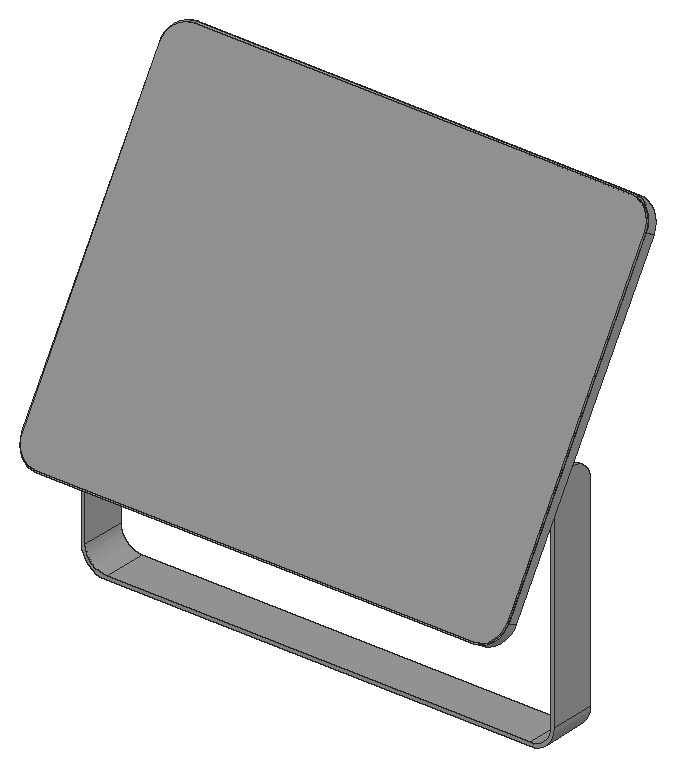
Revit family "0047972 Sylvania Lighting Fixture START eco Flood Flat IP65 6500lm 830", category Lighting Fixtures, host Face, Revit 2016
Family settings
  Host = Face
  Part Type = Normal
  Round Connector Dimension = Use Diameter
  OmniClass Number = 23.80.70.00
  OmniClass Title = Lighting
  Cut with Voids When Loaded = No
  Light Source = No
  Shared = No
  Room Calculation Point = No
Parameters (values of type "0047972 ST E FLD FLT IP65 6500LM 830")
  WidthBracketIn_SYL = if([10W_SYL], 102.2 mm, if([30W_SYL], 143.3 mm, if([50W_SYL], 181 mm, 262.8 mm)))  # 262.8 mm
  Weight = "8.875 kg"
  Wattage Comments = ""
  WarrantyStartDate [instance] = "n/a"
  WarrantyGuarantorParts = "n/a"
  WarrantyDurationUnit = "n/a"
  WarrantyDurationParts = "n/a"
  WarrantyDescription = "n/a"
  Voltage = 0 V
  URL = "http://www.sylvania-lighting.com"
  TypeName = "START eco Flood Flat IP65 6500lm 830"
  TypeLight_SYL = START eco Flood Flat Lamp : 0047972 ST E FLD FLT IP65 6500LM 830
  Type Image = <None>
  Type Comments = "n/a"
  ThicknessBracket_SYL = if([10W_SYL], 1.5 mm, 2 mm)  # 2 mm
  SerialNumber [instance] = "n/a"
  RotationAngle_SYL [instance] = 32.00°
  RadiusBracket_SYL = if([10W_SYL], 7.7 mm, if([30W_SYL], 8 mm, if([50W_SYL], 17 mm, 14 mm)))  # 14 mm
  RadiusBracketIn_SYL = RadiusBracket_SYL - ThicknessBracket_SYL  # 12 mm
  OffsetAxis_SYL = DepthBracket_SYL / 2  # 12.5 mm
  PowerFactor = 0.9
  PowerConsumption = "70 W"
  NominalLength = 283 mm
  NominalHeight = 44 mm
  NominalDepth = 263 mm
  Name = "START eco Flood Flat IP65 6500lm 830"
  ModelReference = Name  # "START eco Flood Flat IP65 6500lm 830"
  ModelNumber = "0047972"
  Model = Name  # "START eco Flood Flat IP65 6500lm 830"
  Material = "adc12 housing"
  ManufacturerName = "Feilo Sylvania"
  Manufacturer = "Feilo Sylvania"
  LuminousEfficacy = "90 lm/W"
  LuminaireType = ""
  LightOutputRatio = "n/a"
  LampsType = Lamp  # "LED"
  LampNominalLuminous = "6300 lm"
  LampMacAdamStep = "n/a"
  LampColourTemperature = "3000 K"
  LampColourRenderingIndex = "80"
  Lamp = "LED"
  Keynote = "16500"
  InstallationDate [instance] = "n/a"
  InputVoltage = "n/a"
  InputNominalFrequency = "n/a"
  IngressProtection = "IP65"
  ImpactProtectionIndex = "IK07"
  IfcExportType = "IfcLightFixtureType"
  IfcExportAs = "IfcLightFixtureType"
  HeightBracket_SYL = if([10W_SYL], 55 mm, if([30W_SYL], 70 mm, if([50W_SYL], 110 mm, 141 mm)))  # 141 mm
  ExpectedLife = 30000
  EndAngle_SYL [instance] = RotationAngle_SYL + 180.00°  # 212.00°
  ElectricShockClassification = "Class I"
  DurationUnit = "hours"
  DocumentationLiterature = "http://www.sylvania-lighting.com/product/en-int/products/0047972"
  DimmingControlOptions = "n/a"
  Description = "The new Start eco Flood Flat comes with improved design. The streamlined, durable, lightweight die-cast aluminium body makes it a perfect choice for building facades, car parks, garages and construction areas. The product includes 1 m pre-wired stripped cable and fitting bracket for quick and easy installation and the universal mounting bracket allows wall or surface mounting with the possibility of vertical tilting. Black die-cast aluminum housing, white reflector, 6300 lm, 70 W, 90 lm/W, 3000K, drive current 270 mA, non dimmable, CRI>80, IP65, IK07, Class I, lumen maintenance L70:B50: 30000 hrs, 283 x 263 x 44 mm (L x W x H). Weight: 1.775kg. Energy class: A++ A+ A."
  DepthBracket_SYL = if([10W_SYL], 15 mm, if([30W_SYL], 15 mm, if([50W_SYL], 17 mm, 25 mm)))  # 25 mm
  Default Elevation = 1219.2 mm
  CreatedOn = "10/8/2018"
  CreatedBy = "@sylvania-lighting.com"
  Cost = 0
  built-in parameter 1114216 [instance] = (empty or 0)
  ClassificationValue = "EF_70_80"
  ClassificationName = "Uniclass2015"
  Material_1_SYL = Body-Sylvania-FloodFlat-Black
  BarCode [instance] = "n/a"
  AssetType = "Fixed"
  AssetIdentifier [instance] = "n/a"
  Assembly Code = "D5020200"
  Apparent Load = 70 VA
  50W_SYL = no
  30W_SYL = no
  10W_SYL = no
Reference planes
  plane 1 "Center (Front/Back)": y = 0
  plane 2: z = 0
  plane 3 "Center (Left/Right)": x = 0
  plane 4: x = -133.4
  plane 5: x = 133.4
  plane 6: z = 141
  plane 7: z = 128.5
  plane 8: x = -131.4
  plane 9: x = 131.4
  plane 10: z = 2
  plane 11: y = 12.5
  plane 12: y = -12.5
  plane 13: x = -119.4
  plane 14: z = 14
  plane 15: x = 119.4
  plane 16: y = -14.5
  plane 17: z = 143
  plane 18: y = 14.5
Forms (mm)
  Extrusion 1, solid, material "Body-Sylvania-FloodFlat-Black" <- "Material_1_SYL"
    sketch origin (0, 0, 0) x (1, 0, 0) y (0, 0, 1)
      loop
        line (-131.4, 141) -> (-133.4, 141) -> (-133.4, 14)
        arc (-133.4, 14) -> (-129.299, 4.101) -> (-119.4, 0) r 14
        line (-119.4, 0) -> (119.4, 0)
        arc (119.4, 0) -> (129.299, 4.101) -> (133.4, 14) r 14
        line (133.4, 14) -> (133.4, 141) -> (131.4, 141) -> (131.4, 14)
        arc (131.4, 14) -> (127.885, 5.515) -> (119.4, 2) r 12
        line (119.4, 2) -> (-119.4, 2)
        arc (-119.4, 2) -> (-127.885, 5.515) -> (-131.4, 14) r 12
        line (-131.4, 14) -> (-131.4, 141)
    from -12.5 to 12.5
  Extrusion 2, void
    sketch origin (0, 0, 0) x (0, 1, 0) y (0, 0, 1)
      loop
        line (12.5, 128.5) -> (14.5, 128.5) -> (14.5, 143) -> (-14.5, 143) -> (-14.5, 128.5) -> (-12.5, 128.5)
        arc (-12.5, 128.5) -> (0, 141) -> (12.5, 128.5) r 12.5
    from -133.4 to 133.4
  Revolve 3, solid, not visible
    sketch origin (0, 0, 0) x (1, 0, 0) y (0, 0, 1)
      loop
        line (0, 128.5) -> (0, 141) -> (-12.336, 141) -> (-12.336, 128.5) -> (0, 128.5)
      axis (0, 128.5) -> (-12.336, 128.5)
    angle from 32 <- "RotationAngle_SYL" to 212 <- "EndAngle_SYL"
Cuts and joins
  Extrusion 2 cuts Extrusion 1
Dimensions and locks
  equal spacing: plane 9, plane 3 "Center (Left/Right)", plane 8
  "WidthBracketIn_SYL": plane 9 to plane 8
  "ThicknessBracket_SYL": plane 8 to plane 4
  "ThicknessBracket_SYL": plane 5 to plane 9
  "ThicknessBracket_SYL": plane 10 to plane 2
  equal spacing: plane 12, plane 1 "Center (Front/Back)", plane 11
  "DepthBracket_SYL": plane 12 to plane 11
  "OffsetAxis_SYL": plane 7 to plane 6
  "HeightBracket_SYL": plane 6 to plane 2
  "RadiusBracket_SYL": plane 14 to plane 2
  equal spacing: plane 15, plane 3 "Center (Left/Right)", plane 13
  "RadiusBracket_SYL": plane 13 to plane 4
  equal spacing: plane 16, plane 1 "Center (Front/Back)", plane 18
  locked: plane 16 to plane 12 at 2
  locked: plane 6 to plane 17 at 2
  "RadiusBracket_SYL": radius of Extrusion 1 sketch curve  (x2)
  "RadiusBracketIn_SYL": radius of Extrusion 1 sketch curve  (x2)
  aligned and locked: plane 2 to host face
  aligned and locked: level to host face
  aligned and locked: Extrusion 1 sketch curve to plane 6  (x2)
  aligned and locked: Extrusion 1 sketch curve to plane 4
  aligned and locked: plane 5 to Extrusion 1 sketch curve
  aligned and locked: Extrusion 1 sketch curve to plane 9
  aligned and locked: Extrusion 1 sketch curve to plane 2
  aligned and locked: plane 13 to Extrusion 1 sketch curve
  aligned and locked: plane 14 to Extrusion 1 sketch curve  (x2)
  aligned and locked: plane 15 to Extrusion 1 sketch curve
  aligned and locked: Extrusion 1 to plane 11
  aligned and locked: plane 12 to Extrusion 1
  aligned and locked: plane 11 to Extrusion 2 sketch curve
  aligned and locked: plane 1 "Center (Front/Back)" to Extrusion 2 sketch curve
  aligned and locked: plane 7 to Extrusion 2 sketch curve
  aligned and locked: plane 17 to Extrusion 2 sketch curve
  aligned and locked: plane 18 to Extrusion 2 sketch curve
  aligned and locked: Extrusion 2 sketch curve to plane 16
  aligned and locked: Extrusion 2 sketch curve to plane 7  (x2)
  aligned and locked: plane 5 to Extrusion 2
  aligned and locked: Extrusion 2 to plane 4
  aligned and locked: Revolve 3 sketch curve to plane 7  (x2)
  aligned and locked: Revolve 3 sketch curve to plane 3 "Center (Left/Right)"
  aligned and locked: plane 6 to Revolve 3 sketch curve
  aligned and locked: plane 3 "Center (Left/Right)" to nested 1
Automatic sketch dimensions
  host sketch curve to host sketch curve = 2438.4 mm  (x2)
  Revolve 3 sketch curve to plane 3 "Center (Left/Right)" = 12.336 mm
  Revolve 3 sketch curve to plane 4 = 1122.5 mm
  plane 5 to Revolve 3 sketch curve = 1130.9 mm
Nested families
  nested 1: "START eco Flood Flat Lamp" at (0, 14.785, 152.161) x (1, 0, 0) z (0, -0.848, 0.5299), type <- "TypeLight_SYL", type "0047972 ST E FLD FLT IP65 6500LM 830"
    with built-in parameter 1114216 (empty or 0)
Connectors
  electrical at (0, 0, 0), driven by "Apparent Load", driven by "PowerFactor", driven by "Voltage"
    settings: index 1, voltage 0 V, apparent load 70 VA, apparent load phase1 0 VA, apparent load phase2 0 VA, apparent load phase3 0 VA, power factor 0.9, load classification "Lighting", number of poles 1, system type 30, power factor state 1, is connector primary yes, connector utility no, sub classification motor no, connector description ""
Definition of nested family "START eco Flood Flat Lamp"
  Parameters (values of type "0047977 ST E FLD FLT IP65 9000LM 840")
    Width_SYL = if([10W_SYL], 110 mm, if([30W_SYL], 151 mm, if([50W_SYL], 189 mm, 275 mm)))  # 275 mm
    WidthLEDBoard_SYL = if([10W_SYL], 40 mm, if([30W_SYL], 83 mm, if([50W_SYL], 80 mm, 180 mm)))  # 180 mm
    WidthVignette_SYL = if([10W_SYL], 78.6 mm, if([30W_SYL], 120 mm, if([50W_SYL], 157 mm, 226 mm)))  # 226 mm
    WidthBoltHousing_SYL = 4 * OffsetBoltHousing_SYL  # 24.5 mm
    Wattage Comments = "n/a"
    Wattage = 100 W
    built-in parameter 1150110 = 1 (stored number, unit not read)
    URL = "http://www.sylvania-lighting.com"
    Type Image = (empty or 0)
    Type Comments = "n/a"
    built-in parameter 1114217 = 1 (stored number, unit not read)
    Tilt Angle = -90.00°
    ThicknessScreen_SYL = if([10W_SYL], 5 mm, if([30W_SYL], 5.2 mm, if([50W_SYL], 5.4 mm, 6.1 mm)))  # 6.1 mm
    ThicknessDiffuser_SYL = 0.8 mm  # constant formula
    built-in parameter 1150109 = 1 (stored number, unit not read)
    built-in parameter 1150134 = 12
    built-in parameter 1150113 = 1 (stored number, unit not read)
    RotationAxisFromTop_SYL = if([10W_SYL], 48.8 mm, if([30W_SYL], 61.7 mm, if([50W_SYL], 91.3 mm, 133.4 mm)))  # 133.4 mm
    RadiusLEDBoard_SYL = if([10W_SYL], 1.5 mm, if([30W_SYL], 2 mm, if([50W_SYL], 1.9 mm, 3.7 mm)))  # 3.7 mm
    RadiusDiffuser_SYL = RadiusCorners_SYL - ThicknessDiffuser_SYL  # 13.4 mm
    RadiusCorners_SYL = if([10W_SYL], 10.5 mm, if([30W_SYL], 10.7 mm, if([50W_SYL], 10.7 mm, 14.2 mm)))  # 14.2 mm
    RadiusBoltHousing_SYL = if([10W_SYL], 4.1 mm, if([30W_SYL], 4.9 mm, if([50W_SYL], 5 mm, 8.1 mm)))  # 8.1 mm
    RadiusBack_SYL = RadiusCorners_SYL - OffsetXBack_SYL / 3  # 10.117 mm
    RadiusBackB_SYL = RadiusBack_SYL - OffsetXBackB_SYL  # 7.054 mm
    Photometric Web File = "0047977.ies"
    PIR_SYL = no
    PIRHolderRadius_SYL = PIRBaseFillet_SYL + 2 mm  # 11 mm
    PIRFillet_SYL = 3 mm  # constant formula
    PIRBaseWidth_SYL = 38 mm
    PIRBaseFillet_SYL = PIRBaseDepth_SYL / 2  # 9 mm
    PIRBaseDepth_SYL = 18 mm
    OffsetYBack_SYL = (Height_SYL - HeightVignette_SYL) / 4  # 11 mm
    OffsetYBackB_SYL = OffsetYBack_SYL / 4  # 2.75 mm
    OffsetXBack_SYL = (Width_SYL - WidthVignette_SYL) / 4  # 12.25 mm
    OffsetXBackB_SYL = OffsetXBack_SYL / 4  # 3.063 mm
    OffsetBoltHousing_SYL = OffsetXBack_SYL / 2  # 6.125 mm
    Material_7_SYL = none
    Material_6_SYL = none
    Material_5_SYL = none
    Material_3_SYL = none
    Model = "START eco Flood Flat IP65 9000lm 840"
    Manufacturer = "Feilo Sylvania"
    built-in parameter 1150105 = 3437 (stored number, unit not read)
    Lumens = 9500 lm
    built-in parameter 1150115 = 1 (stored number, unit not read)
    built-in parameter 1150137 = (empty or 0)
    built-in parameter 1150139 = (empty or 0)
    built-in parameter 1150112 = 1 (stored number, unit not read)
    built-in parameter 1150114 = 1 (stored number, unit not read)
    Lamp = "LED"
    Keynote = "16500"
    Material_2_SYL = none
    InsertionPlaneFromTop_SYL = if([10W_SYL], 15.1 mm, if([30W_SYL], 14.5 mm, if([50W_SYL], 14.8 mm, 19.3 mm)))  # 19.3 mm
    built-in parameter 1150132 = (empty or 0)
    built-in parameter 1150102 = (empty or 0)
    built-in parameter 1150107 = 4000 (stored number, unit not read)
    built-in parameter 1150138 = (empty or 0)
    built-in parameter 1150106 = 34.37 (stored number, unit not read)
    Height_SYL = if([10W_SYL], 81.6 mm, if([30W_SYL], 112 mm, if([50W_SYL], 140.5 mm, 211 mm)))  # 211 mm
    HeightVignette_SYL = if([10W_SYL], 50 mm, if([30W_SYL], 81 mm, if([50W_SYL], 110 mm, 167 mm)))  # 167 mm
    HeightLEDBoard_SYL = if([10W_SYL], 25 mm, if([30W_SYL], 39 mm, if([50W_SYL], 56 mm, 132 mm)))  # 132 mm
    Emit from Rectangle Width = HeightVignette_SYL - 2 * RadiusVignette_SYL  # 146.2 mm
    Emit from Rectangle Length = WidthVignette_SYL - 2 * RadiusVignette_SYL  # 205.2 mm
    Emit Shape Visible in Rendering = no
    built-in parameter 1150104 = 8.8258 (stored number, unit not read)
    Dimming Lamp Color Temperature Shift = (empty or 0)
    DepthLEDBoard_SYL = (ThicknessScreen_SYL + DepthBack_SYL) / 9  # 2.289 mm
    DepthBack_SYL = if([10W_SYL], 10.2 mm, if([30W_SYL], 14.7 mm, if([50W_SYL], 16.9 mm, 14.5 mm)))  # 14.5 mm
    RadiusVignette_SYL = if([10W_SYL], 4.1 mm, if([30W_SYL], 4.1 mm, if([50W_SYL], 4.1 mm, 10.4 mm)))  # 10.4 mm
    Description = "The new Start eco Flood Flat comes with improved design. The streamlined, durable, lightweight die-cast aluminium body makes it a perfect choice for building facades, car parks, garages and construction areas. The product includes 1 m pre-wired stripped cable and fitting bracket for quick and easy installation and the universal mounting bracket allows wall or surface mounting with the possibility of vertical tilting. Black die-cast aluminum housing, white reflector, 9500 lm, 100 W, 95 lm/W, 4000K, drive current 386 mA, non dimmable, CRI>80, IP65, IK07, Class I, lumen maintenance L70:B50: 30000 hrs, 283 x 263 x 44 mm (L x W x H). Weight: 1.775kg. Energy class: A++ A+ A."
    DepthReflector_SYL = (ThicknessScreen_SYL + DepthBack_SYL) / 2  # 10.3 mm
    Default Elevation = 1219.2 mm
    Cost = 0
    Color Filter = 16777215
    built-in parameter 1114216 [instance] = (empty or 0)
    Material_1_SYL = none
    built-in parameter 1114218 = 1 (stored number, unit not read)
    built-in parameter 1150133 = 10 (stored number, unit not read)
    Assembly Code = "D5020200"
    Apparent Load = 100 VA
    Material_4_SYL = none
    50W_SYL = no
    30W_SYL = no
    10W_SYL = no
  Types (16, lengths in mm): name | Width_SYL | WidthLEDBoard_SYL | WidthVignette_SYL | WidthBoltHousing_SYL | Wattage | ThicknessScreen_SYL | built-in parameter 1150134 | RotationAxisFromTop_SYL | RadiusLEDBoard_SYL | RadiusDiffuser_SYL | RadiusCorners_SYL | RadiusBoltHousing_SYL | RadiusBack_SYL | RadiusBackB_SYL | Photometric Web File | PIR_SYL | OffsetYBack_SYL | OffsetYBackB_SYL | OffsetXBack_SYL | OffsetXBackB_SYL | OffsetBoltHousing_SYL | Model | built-in parameter 1150105 | Lumens | InsertionPlaneFromTop_SYL | built-in parameter 1150107 | built-in parameter 1150106 | Height_SYL | HeightVignette_SYL | HeightLEDBoard_SYL | Emit from Rectangle Width | Emit from Rectangle Length | built-in parameter 1150104 | DepthLEDBoard_SYL | DepthBack_SYL | RadiusVignette_SYL | Description | DepthReflector_SYL | Apparent Load | 50W_SYL | 30W_SYL | 10W_SYL
    0047977 ST E FLD FLT IP65 9000LM 840 | 275 | 180 | 226 | 24.5 | 100 W | 6.1 | 12 | 133.4 | 3.7 | 13.4 | 14.2 | 8.1 | 10.117 | 7.054 | "0047977.ies" | no | 11 | 2.75 | 12.25 | 3.063 | 6.125 | "START eco Flood Flat IP65 9000lm 840" | 3437 (stored number, unit not read) | 9500 lm | 19.3 | 4000 (stored number, unit not read) | 34.37 (stored number, unit not read) | 211 | 167 | 132 | 146.2 | 205.2 | 8.8258 (stored number, unit not read) | 2.289 | 14.5 | 10.4 | "The new Start eco Flood Flat comes with improved design. The streamlined, durable, lightweight die-cast aluminium body makes it a perfect choice for building facades, car parks, garages and construction areas. The product includes 1 m pre-wired stripped cable and fitting bracket for quick and easy installation and the universal mounting bracket allows wall or surface mounting with the possibility of vertical tilting. Black die-cast aluminum housing, white reflector, 9500 lm, 100 W, 95 lm/W, 4000K, drive current 386 mA, non dimmable, CRI>80, IP65, IK07, Class I, lumen maintenance L70:B50: 30000 hrs, 283 x 263 x 44 mm (L x W x H). Weight: 1.775kg. Energy class: A++ A+ A." | 10.3 | 100 VA | no | no | no
    0047976 ST E FLD FLT IP65 9000LM 830 | 275 | 180 | 226 | 24.5 | 100 W | 6.1 | (empty or 0) | 133.4 | 3.7 | 13.4 | 14.2 | 8.1 | 10.117 | 7.054 | "0047976.ies" | no | 11 | 2.75 | 12.25 | 3.063 | 6.125 | "START eco Flood Flat IP65 9000lm 830" | 3256.1 (stored number, unit not read) | 9000 lm | 19.3 | 3000 (stored number, unit not read) | 32.561 (stored number, unit not read) | 211 | 167 | 132 | 146.2 | 205.2 | 8.3613 (stored number, unit not read) | 2.289 | 14.5 | 10.4 | "The new Start eco Flood Flat comes with improved design. The streamlined, durable, lightweight die-cast aluminium body makes it a perfect choice for building facades, car parks, garages and construction areas. The product includes 1 m pre-wired stripped cable and fitting bracket for quick and easy installation and the universal mounting bracket allows wall or surface mounting with the possibility of vertical tilting. Black die-cast aluminum housing, white reflector, 9000 lm, 100 W, 90 lm/W, 3000K, drive current 386 mA, non dimmable, CRI>80, IP65, IK07, Class I, lumen maintenance L70:B50: 30000 hrs, 283 x 263 x 44 mm (L x W x H). Weight: 1.775kg. Energy class: A++ A+ A." | 10.3 | 100 VA | no | no | no
    0047973 ST E FLD FLT IP65 6500LM 840 | 275 | 180 | 226 | 24.5 | 70 W | 6.1 | 12 | 133.4 | 3.7 | 13.4 | 14.2 | 8.1 | 10.117 | 7.054 | "0047973.ies" | no | 11 | 2.75 | 12.25 | 3.063 | 6.125 | "START eco Flood Flat IP65 6500lm 840" | 2460.1 (stored number, unit not read) | 6650 lm | 19.3 | 4000 (stored number, unit not read) | 24.601 (stored number, unit not read) | 211 | 167 | 132 | 146.2 | 205.2 | 8.8258 (stored number, unit not read) | 2.289 | 14.5 | 10.4 | "The new Start eco Flood Flat comes with improved design. The streamlined, durable, lightweight die-cast aluminium body makes it a perfect choice for building facades, car parks, garages and construction areas. The product includes 1 m pre-wired stripped cable and fitting bracket for quick and easy installation and the universal mounting bracket allows wall or surface mounting with the possibility of vertical tilting. Black die-cast aluminum housing, white reflector, 6650 lm, 70 W, 95 lm/W, 4000K, drive current 270 mA, non dimmable, CRI>80, IP65, IK07, Class I, lumen maintenance L70:B50: 30000 hrs, 283 x 263 x 44 mm (L x W x H). Weight: 1.775kg. Energy class: A++ A+ A." | 10.3 | 70 VA | no | no | no
    0047972 ST E FLD FLT IP65 6500LM 830 | 275 | 180 | 226 | 24.5 | 70 W | 6.1 | (empty or 0) | 133.4 | 3.7 | 13.4 | 14.2 | 8.1 | 10.117 | 7.054 | "0047972.ies" | no | 11 | 2.75 | 12.25 | 3.063 | 6.125 | "START eco Flood Flat IP65 6500lm 830" | 2330.6 (stored number, unit not read) | 6300 lm | 19.3 | 3000 (stored number, unit not read) | 23.306 (stored number, unit not read) | 211 | 167 | 132 | 146.2 | 205.2 | 8.3613 (stored number, unit not read) | 2.289 | 14.5 | 10.4 | "The new Start eco Flood Flat comes with improved design. The streamlined, durable, lightweight die-cast aluminium body makes it a perfect choice for building facades, car parks, garages and construction areas. The product includes 1 m pre-wired stripped cable and fitting bracket for quick and easy installation and the universal mounting bracket allows wall or surface mounting with the possibility of vertical tilting. Black die-cast aluminum housing, white reflector, 6300 lm, 70 W, 90 lm/W, 3000K, drive current 270 mA, non dimmable, CRI>80, IP65, IK07, Class I, lumen maintenance L70:B50: 30000 hrs, 283 x 263 x 44 mm (L x W x H). Weight: 1.775kg. Energy class: A++ A+ A." | 10.3 | 70 VA | no | no | no
    0047971 ST E FLD FLT IP54 PIR 4500LM 840 | 189 | 80 | 157 | 16 | 51 W | 5.4 | 12 | 91.3 | 1.9 | 9.9 | 10.7 | 5 | 8.033 | 6.033 | "0047971.ies" | yes | 7.625 | 1.906 | 8 | 2 | 4 | "START eco Flood Flat IP54 PIR 4500lm 840" | 1695.8 (stored number, unit not read) | 4743 lm | 14.8 | 4000 (stored number, unit not read) | 16.958 (stored number, unit not read) | 140.5 | 110 | 56 | 101.8 | 148.8 | 8.64 (stored number, unit not read) | 2.478 | 16.9 | 4.1 | "The new Start eco Flood Flat comes with improved design. The streamlined, durable, lightweight die-cast aluminium body makes it a perfect choice for building facades, car parks, garages and construction areas. The product includes 1 m pre-wired stripped cable and fitting bracket for quick and easy installation and the universal mounting bracket allows wall or surface mounting with the possibility of vertical tilting. Black die-cast aluminum housing, white reflector, 4750 lm, 51 W, 93 lm/W, 4000K, drive current 193 mA, non dimmable, CRI>80, IP54, IK07 - fixture, IK05 - sensor, Class I, lumen maintenance L70:B50: 30000 hrs, 193 x 216 x 70 mm (L x W x H). Weight: 0.85kg.  PIR sensor included. Energy class: A++ A+ A." | 11.15 | 51 VA | yes | no | no
    0047970 ST E FLD FLT IP54 PIR 4500LM 830 | 189 | 80 | 157 | 16 | 51 W | 5.4 | (empty or 0) | 91.3 | 1.9 | 9.9 | 10.7 | 5 | 8.033 | 6.033 | "0047970.ies" | yes | 7.625 | 1.906 | 8 | 2 | 4 | "START eco Flood Flat IP54 PIR 4500lm 830" | 1604.6 (stored number, unit not read) | 4488 lm | 14.8 | 3000 (stored number, unit not read) | 16.046 (stored number, unit not read) | 140.5 | 110 | 56 | 101.8 | 148.8 | 8.1755 (stored number, unit not read) | 2.478 | 16.9 | 4.1 | "The new Start eco Flood Flat comes with improved design. The streamlined, durable, lightweight die-cast aluminium body makes it a perfect choice for building facades, car parks, garages and construction areas. The product includes 1 m pre-wired stripped cable and fitting bracket for quick and easy installation and the universal mounting bracket allows wall or surface mounting with the possibility of vertical tilting. Black die-cast aluminum housing, white reflector, 4500 lm, 51 W, 88 lm/W, 3000K, drive current 193 mA, non dimmable, CRI>80, IP54, IK07 - fixture, IK05 - sensor, Class I, lumen maintenance L70:B50: 30000 hrs, 193 x 216 x 70 mm (L x W x H). Weight: 0.85kg.  PIR sensor included. Energy class: A++ A+ A." | 11.15 | 51 VA | yes | no | no
    0047969 ST E FLD FLT IP65 4500LM 840 | 189 | 80 | 157 | 16 | 50 W | 5.4 | 12 | 91.3 | 1.9 | 9.9 | 10.7 | 5 | 8.033 | 6.033 | "0047969.ies" | no | 7.625 | 1.906 | 8 | 2 | 4 | "START eco Flood Flat IP65 4500lm 840" | 1698.3 (stored number, unit not read) | 4750 lm | 14.8 | 4000 (stored number, unit not read) | 16.983 (stored number, unit not read) | 140.5 | 110 | 56 | 101.8 | 148.8 | 8.8258 (stored number, unit not read) | 2.478 | 16.9 | 4.1 | "The new Start eco Flood Flat comes with improved design. The streamlined, durable, lightweight die-cast aluminium body makes it a perfect choice for building facades, car parks, garages and construction areas. The product includes 1 m pre-wired stripped cable and fitting bracket for quick and easy installation and the universal mounting bracket allows wall or surface mounting with the possibility of vertical tilting. Black die-cast aluminum housing, white reflector, 4750 lm, 50 W, 95 lm/W, 4000K, drive current 193 mA, non dimmable, CRI>80, IP65, IK07, Class I, lumen maintenance L70:B50: 30000 hrs, 193 x 190 x 48 mm (L x W x H). Weight: 0.785kg. Energy class: A++ A+ A." | 11.15 | 50 VA | yes | no | no
    0047968 ST E FLD FLT IP65 4500LM 830 | 189 | 80 | 157 | 16 | 50 W | 5.4 | (empty or 0) | 91.3 | 1.9 | 9.9 | 10.7 | 5 | 8.033 | 6.033 | "0047968.ies" | no | 7.625 | 1.906 | 8 | 2 | 4 | "START eco Flood Flat IP65 4500lm 830" | 1608.9 (stored number, unit not read) | 4500 lm | 14.8 | 3000 (stored number, unit not read) | 16.089 (stored number, unit not read) | 140.5 | 110 | 56 | 101.8 | 148.8 | 8.3613 (stored number, unit not read) | 2.478 | 16.9 | 4.1 | "The new Start eco Flood Flat comes with improved design. The streamlined, durable, lightweight die-cast aluminium body makes it a perfect choice for building facades, car parks, garages and construction areas. The product includes 1 m pre-wired stripped cable and fitting bracket for quick and easy installation and the universal mounting bracket allows wall or surface mounting with the possibility of vertical tilting. Black die-cast aluminum housing, white reflector, 4500 lm, 50 W, 90 lm/W, 3000K, drive current 193 mA, non dimmable, CRI>80, IP65, IK07, Class I, lumen maintenance L70:B50: 30000 hrs, 193 x 190 x 48 mm (L x W x H). Weight: 0.785kg. Energy class: A++ A+ A." | 11.15 | 50 VA | yes | no | no
    0047967 ST E FLD FLT IP54 PIR 2800LM 840 | 151 | 83 | 120 | 15.5 | 31 W | 5.2 | 12 | 61.7 | 2 | 9.9 | 10.7 | 4.9 | 8.117 | 6.179 | "0047967.ies" | yes | 7.75 | 1.938 | 7.75 | 1.938 | 3.875 | "START eco Flood Flat IP54 PIR 2800lm 840" | 1045.5 (stored number, unit not read) | 2852 lm | 14.5 | 4000 (stored number, unit not read) | 10.455 (stored number, unit not read) | 112 | 81 | 39 | 72.8 | 111.8 | 8.5471 (stored number, unit not read) | 2.211 | 14.7 | 4.1 | "The new Start eco Flood Flat comes with improved design. The streamlined, durable, lightweight die-cast aluminium body makes it a perfect choice for building facades, car parks, garages and construction areas. The product includes 1 m pre-wired stripped cable and fitting bracket for quick and easy installation and the universal mounting bracket allows wall or surface mounting with the possibility of vertical tilting. Black die-cast aluminum housing, white reflector, 2850 lm, 31 W, 92 lm/W, 4000K, drive current 116 mA, non dimmable, CRI>80, IP54, IK06 - fixture, IK05 - sensor, Class I, lumen maintenance L70:B50: 30000 hrs, 156 x 178 x 67 mm (L x W x H). Weight: 0.61kg.  PIR sensor included. Energy class: A++ A+ A." | 9.95 | 31 VA | no | yes | no
    0047966 ST E FLD FLT IP54 PIR 2800LM 830 | 151 | 83 | 120 | 15.5 | 31 W | 5.2 | (empty or 0) | 61.7 | 2 | 9.9 | 10.7 | 4.9 | 8.117 | 6.179 | "0047966.ies" | yes | 7.75 | 1.938 | 7.75 | 1.938 | 3.875 | "START eco Flood Flat IP54 PIR 2800lm 830" | 988.72 (stored number, unit not read) | 2697 lm | 14.5 | 3000 (stored number, unit not read) | 9.8872 (stored number, unit not read) | 112 | 81 | 39 | 72.8 | 111.8 | 8.0826 (stored number, unit not read) | 2.211 | 14.7 | 4.1 | "The new Start eco Flood Flat comes with improved design. The streamlined, durable, lightweight die-cast aluminium body makes it a perfect choice for building facades, car parks, garages and construction areas. The product includes 1 m pre-wired stripped cable and fitting bracket for quick and easy installation and the universal mounting bracket allows wall or surface mounting with the possibility of vertical tilting. Black die-cast aluminum housing, white reflector, 2700 lm, 31 W, 87 lm/W, 3000K, drive current 116 mA, non dimmable, CRI>80, IP54, IK06 - fixture, IK05 - sensor, Class I, lumen maintenance L70:B50: 30000 hrs, 156 x 178 x 67 mm (L x W x H). Weight: 0.61kg.  PIR sensor included. Energy class: A++ A+ A." | 9.95 | 31 VA | no | yes | no
    0047965 ST E FLD FLT IP65 2800LM 840 | 151 | 83 | 120 | 15.5 | 30 W | 5.2 | 12 | 61.7 | 2 | 9.9 | 10.7 | 4.9 | 8.117 | 6.179 | "0047965.ies" | no | 7.75 | 1.938 | 7.75 | 1.938 | 3.875 | "START eco Flood Flat IP65 2800lm 840" | 1044.8 (stored number, unit not read) | 2850 lm | 14.5 | 4000 (stored number, unit not read) | 10.448 (stored number, unit not read) | 112 | 81 | 39 | 72.8 | 111.8 | 8.8258 (stored number, unit not read) | 2.211 | 14.7 | 4.1 | "The new Start eco Flood Flat comes with improved design. The streamlined, durable, lightweight die-cast aluminium body makes it a perfect choice for building facades, car parks, garages and construction areas. The product includes 1 m pre-wired stripped cable and fitting bracket for quick and easy installation and the universal mounting bracket allows wall or surface mounting with the possibility of vertical tilting. Black die-cast aluminum housing, white reflector, 2850 lm, 30 W, 95 lm/W, 4000K, drive current 116 mA, non dimmable, CRI>80, IP65, IK06, Class I, lumen maintenance L70:B50: 30000 hrs, 156 x 126 x 38 mm (L x W x H). Weight: 0.545kg. Energy class: A++ A+ A." | 9.95 | 30 VA | no | yes | no
    0047964 ST E FLD FLT IP65 2800LM 830 | 151 | 83 | 120 | 15.5 | 30 W | 5.2 | (empty or 0) | 61.7 | 2 | 9.9 | 10.7 | 4.9 | 8.117 | 6.179 | "0047964.ies" | no | 7.75 | 1.938 | 7.75 | 1.938 | 3.875 | "START eco Flood Flat IP65 2800lm 830" | 989.82 (stored number, unit not read) | 2700 lm | 14.5 | 3000 (stored number, unit not read) | 9.8982 (stored number, unit not read) | 112 | 81 | 39 | 72.8 | 111.8 | 8.3613 (stored number, unit not read) | 2.211 | 14.7 | 4.1 | "The new Start eco Flood Flat comes with improved design. The streamlined, durable, lightweight die-cast aluminium body makes it a perfect choice for building facades, car parks, garages and construction areas. The product includes 1 m pre-wired stripped cable and fitting bracket for quick and easy installation and the universal mounting bracket allows wall or surface mounting with the possibility of vertical tilting. Black die-cast aluminum housing, white reflector, 2700 lm, 30 W, 90 lm/W, 3000K, drive current 116 mA, non dimmable, CRI>80, IP65, IK06, Class I, lumen maintenance L70:B50: 30000 hrs, 156 x 126 x 38 mm (L x W x H). Weight: 0.545kg. Energy class: A++ A+ A." | 9.95 | 30 VA | no | yes | no
    0047963 ST E FLD FLT IP54 PIR 900LM 840 | 110 | 40 | 78.6 | 15.7 | 11 W | 5 | 12 | 48.8 | 1.5 | 9.7 | 10.5 | 4.1 | 7.883 | 5.921 | "0047963.ies" | yes | 7.9 | 1.975 | 7.85 | 1.963 | 3.925 | "START eco Flood Flat IP54 PIR 900lm 840" | 365.78 (stored number, unit not read) | 946 lm | 15.1 | 4000 (stored number, unit not read) | 3.6578 (stored number, unit not read) | 81.6 | 50 | 25 | 41.8 | 70.4 | 7.9897 (stored number, unit not read) | 1.689 | 10.2 | 4.1 | "The new Start eco Flood Flat comes with improved design. The streamlined, durable, lightweight die-cast aluminium body makes it a perfect choice for building facades, car parks, garages and construction areas. The product includes 1 m pre-wired stripped cable and fitting bracket for quick and easy installation and the universal mounting bracket allows wall or surface mounting with the possibility of vertical tilting. Black die-cast aluminum housing, white reflector, 950 lm, 11 W, 86 lm/W, 4000K, drive current 38.6 mA, non dimmable, CRI>80, IP54, IK06 - fixture, IK05 - sensor, Class I, lumen maintenance L70:B50: 30000 hrs, 156 x 178 x 67 mm (L x W x H). Weight: 0.61kg.  PIR sensor included. Energy class: A++ A+ A." | 7.6 | 11 VA | no | no | yes
    0047962 ST E FLD FLT IP54 PIR 900LM 830 | 110 | 40 | 78.6 | 15.7 | 11 W | 5 | (empty or 0) | 48.8 | 1.5 | 9.7 | 10.5 | 4.1 | 7.883 | 5.921 | "0047962.ies" | yes | 7.9 | 1.975 | 7.85 | 1.963 | 3.925 | "START eco Flood Flat IP54 PIR 900lm 830" | 345.53 (stored number, unit not read) | 902 lm | 15.1 | 3000 (stored number, unit not read) | 3.4553 (stored number, unit not read) | 81.6 | 50 | 25 | 41.8 | 70.4 | 7.618 (stored number, unit not read) | 1.689 | 10.2 | 4.1 | "The new Start eco Flood Flat comes with improved design. The streamlined, durable, lightweight die-cast aluminium body makes it a perfect choice for building facades, car parks, garages and construction areas. The product includes 1 m pre-wired stripped cable and fitting bracket for quick and easy installation and the universal mounting bracket allows wall or surface mounting with the possibility of vertical tilting. Black die-cast aluminum housing, white reflector, 900 lm, 11 W, 82 lm/W, 3000K, drive current 38.6 mA, non dimmable, CRI>80, IP54, IK06 - fixture, IK05 - sensor, Class I, lumen maintenance L70:B50: 30000 hrs, 156 x 178 x 67 mm (L x W x H). Weight: 0.61kg.  PIR sensor included. Energy class: A++ A+ A." | 7.6 | 11 VA | no | no | yes
    0047961 ST E FLD FLT IP65 900LM 840 | 110 | 40 | 78.6 | 15.7 | 10 W | 5 | 12 | 48.8 | 1.5 | 9.7 | 10.5 | 4.1 | 7.883 | 5.921 | "0047961.ies" | no | 7.9 | 1.975 | 7.85 | 1.963 | 3.925 | "START eco Flood Flat IP65 900lm 840" | 367.33 (stored number, unit not read) | 950 lm | 15.1 | 4000 (stored number, unit not read) | 3.6733 (stored number, unit not read) | 81.6 | 50 | 25 | 41.8 | 70.4 | 8.8258 (stored number, unit not read) | 1.689 | 10.2 | 4.1 | "The new Start eco Flood Flat comes with improved design. The streamlined, durable, lightweight die-cast aluminium body makes it a perfect choice for building facades, car parks, garages and construction areas. The product includes 1 m pre-wired stripped cable and fitting bracket for quick and easy installation and the universal mounting bracket allows wall or surface mounting with the possibility of vertical tilting. Black die-cast aluminum housing, white reflector, 950 lm, 10 W, 95 lm/W, 4000K, drive current 38.6 mA, non dimmable, CRI>80, IP65, IK06, Class I, lumen maintenance L70:B50: 30000 hrs, 114 x 96 x 38 mm (L x W x H). Weight: 0.33kg. Energy class: A++ A+ A." | 7.6 | 10 VA | no | no | yes
    0047960 ST E FLD FLT IP65 900LM 830 | 110 | 40 | 78.6 | 15.7 | 10 W | 5 | (empty or 0) | 48.8 | 1.5 | 9.7 | 10.5 | 4.1 | 7.883 | 5.921 | "0047960.ies" | no | 7.9 | 1.975 | 7.85 | 1.963 | 3.925 | "START eco Flood Flat IP65 900lm 830" | 344.76 (stored number, unit not read) | 900 lm | 15.1 | 3000 (stored number, unit not read) | 3.4476 (stored number, unit not read) | 81.6 | 50 | 25 | 41.8 | 70.4 | 8.3613 (stored number, unit not read) | 1.689 | 10.2 | 4.1 | "The new Start eco Flood Flat comes with improved design. The streamlined, durable, lightweight die-cast aluminium body makes it a perfect choice for building facades, car parks, garages and construction areas. The product includes 1 m pre-wired stripped cable and fitting bracket for quick and easy installation and the universal mounting bracket allows wall or surface mounting with the possibility of vertical tilting. Black die-cast aluminum housing, white reflector, 900 lm, 10 W, 90 lm/W, 3000K, drive current 38.6 mA, non dimmable, CRI>80, IP65, IK06, Class I, lumen maintenance L70:B50: 30000 hrs, 114 x 96 x 38 mm (L x W x H). Weight: 0.33kg. Energy class: A++ A+ A." | 7.6 | 10 VA | no | no | yes
  Reference planes
    plane 1 "Center (Front/Back)": y = 0
    plane 2: z = 0
    plane 3 "Center (Left/Right)": x = 0
    plane 4: y = 105.5
    plane 5: y = -105.5
    plane 6: x = 137.5
    plane 7: x = -137.5
    plane 8: y = 83.5
    plane 9: y = -83.5
    plane 10: x = -113
    plane 11: x = 113
    plane 12: x = -123.3
    plane 13: y = 91.3
    plane 14: y = -91.3
    plane 15: x = 123.3
    plane 16: x = -102.6
    plane 17: y = 73.1
    plane 18: x = 102.6
    plane 19: y = -73.1
    plane 20: z = 19.3
    plane 21: z = 13.2
    plane 22: z = 9
    plane 23: z = -1.3
    plane 24: x = -125.25
    plane 25: y = 94.5
    plane 26: y = -94.5
    plane 27: x = 125.25
    plane 28: x = -122.187
    plane 29: x = 122.188
    plane 30: y = 91.75
    plane 31: y = -91.75
    plane 32: z = 18.5
    plane 33: x = -90
    plane 34: x = 90
    plane 35: y = 66
    plane 36: y = -66
    plane 37: z = 6.711
    plane 38: x = -136.7
    plane 39: y = 104.7
    plane 40: y = -104.7
    plane 41: x = 136.7
    plane 42: x = -131.375
    plane 43: x = 131.375
    plane 44: x = -106.875
    plane 45: x = 106.875
    plane 46 "RotationAxis": y = -27.9
    plane 47: y = -19.8
    plane 48: x = -19
    plane 49: x = 19
    plane 50: z = -10.3
    plane 51: z = 7.7
    plane 52: x = 10
    plane 53: x = -10
    plane 54: y = -155.5
    plane 55: y = -137.5
    plane 56: y = -146.5
    plane 57: x = -9
    plane 58: x = 9
    plane 59: y = -119.7
    plane 60: y = -173.3
    plane 61: x = -35.3
    plane 62: x = 35.3
    plane 63: z = 39.2
    plane 64: z = 33.7
  Forms (mm)
    Extrusion 1, solid
      sketch origin (4.2, 0, 0) x (1, 0, 0) y (0, 1, 0)
        loop
          line (-1219.2, 1219.2) -> (-1219.2, -1219.2) -> (1219.2, -1219.2) -> (1219.2, 1219.2) -> (-1219.2, 1219.2)
      from 0 to -68.017
    Extrusion 2, solid, material <- "Material_1_SYL"
      sketch origin (1223.4, -4572, 19.3) x (0, -1, 0) y (-1, 0, 0)
        loop
          line (-4677.5, 1346.7) -> (-4677.5, 1100.1)
          arc (-4677.5, 1100.1) -> (-4673.341, 1090.059) -> (-4663.3, 1085.9) r 14.2
          line (-4663.3, 1085.9) -> (-4480.7, 1085.9)
          arc (-4480.7, 1085.9) -> (-4470.659, 1090.059) -> (-4466.5, 1100.1) r 14.2
          line (-4466.5, 1100.1) -> (-4466.5, 1346.7)
          arc (-4466.5, 1346.7) -> (-4470.659, 1356.741) -> (-4480.7, 1360.9) r 14.2
          line (-4480.7, 1360.9) -> (-4663.3, 1360.9)
          arc (-4663.3, 1360.9) -> (-4673.341, 1356.741) -> (-4677.5, 1346.7) r 14.2
      from 6.1 to 0.8
    Blend 3, solid, material <- "Material_1_SYL"
      base sketch origin (1223.4, -4572, 13.2) x (0, -1, 0) y (1, 0, 0)
        loop
          arc (-4666.5, -1338.533) -> (-4663.537, -1345.687) -> (-4656.383, -1348.65) r 10.117
          line (-4656.383, -1348.65) -> (-4487.617, -1348.65)
          arc (-4487.617, -1348.65) -> (-4480.463, -1345.687) -> (-4477.5, -1338.533) r 10.117
          line (-4477.5, -1338.533) -> (-4477.5, -1108.267)
          arc (-4477.5, -1108.267) -> (-4480.463, -1101.113) -> (-4487.617, -1098.15) r 10.117
          line (-4487.617, -1098.15) -> (-4656.383, -1098.15)
          arc (-4656.383, -1098.15) -> (-4663.537, -1101.113) -> (-4666.5, -1108.267) r 10.117
          line (-4666.5, -1108.267) -> (-4666.5, -1338.533)
      top sketch origin (1223.4, -4572, 13.2) x (0, -1, 0) y (1, 0, 0)
        loop
          arc (-4663.75, -1338.533) -> (-4661.684, -1343.521) -> (-4656.696, -1345.588) r 7.054
          line (-4656.696, -1345.588) -> (-4487.304, -1345.588)
          arc (-4487.304, -1345.588) -> (-4482.316, -1343.521) -> (-4480.25, -1338.533) r 7.054
          line (-4480.25, -1338.533) -> (-4480.25, -1108.267)
          arc (-4480.25, -1108.267) -> (-4482.316, -1103.279) -> (-4487.304, -1101.213) r 7.054
          line (-4487.304, -1101.213) -> (-4656.696, -1101.213)
          arc (-4656.696, -1101.213) -> (-4661.684, -1103.279) -> (-4663.75, -1108.267) r 7.054
          line (-4663.75, -1108.267) -> (-4663.75, -1338.533)
      from 0 to -14.5
    Blend 4, void
      base sketch origin (1223.4, -4572, 18.5) x (-1, 0, 0) y (0, -1, 0)
        loop
          arc (1326, -4655.5) -> (1333.354, -4652.454) -> (1336.4, -4645.1) r 10.4
          line (1336.4, -4645.1) -> (1336.4, -4498.9)
          arc (1336.4, -4498.9) -> (1333.354, -4491.546) -> (1326, -4488.5) r 10.4
          line (1326, -4488.5) -> (1120.8, -4488.5)
          arc (1120.8, -4488.5) -> (1113.446, -4491.546) -> (1110.4, -4498.9) r 10.4
          line (1110.4, -4498.9) -> (1110.4, -4645.1)
          arc (1110.4, -4645.1) -> (1113.446, -4652.454) -> (1120.8, -4655.5) r 10.4
          line (1120.8, -4655.5) -> (1326, -4655.5)
      top sketch origin (1223.4, -4572, 18.5) x (0, -1, 0) y (1, 0, 0)
        loop
          arc (-4638, -1309.7) -> (-4636.916, -1312.316) -> (-4634.3, -1313.4) r 3.7
          line (-4634.3, -1313.4) -> (-4509.7, -1313.4)
          arc (-4509.7, -1313.4) -> (-4507.084, -1312.316) -> (-4506, -1309.7) r 3.7
          line (-4506, -1309.7) -> (-4506, -1137.1)
          arc (-4506, -1137.1) -> (-4507.084, -1134.484) -> (-4509.7, -1133.4) r 3.7
          line (-4509.7, -1133.4) -> (-4634.3, -1133.4)
          arc (-4634.3, -1133.4) -> (-4636.916, -1134.484) -> (-4638, -1137.1) r 3.7
          line (-4638, -1137.1) -> (-4638, -1309.7)
      from 0 to -9.5
    Extrusion 5, void
      sketch origin (1223.4, -4572, 9) x (-1, 0, 0) y (0, -1, 0)
        loop
          arc (1133.4, -4634.3) -> (1134.484, -4636.916) -> (1137.1, -4638) r 3.7
          line (1137.1, -4638) -> (1309.7, -4638)
          arc (1309.7, -4638) -> (1312.316, -4636.916) -> (1313.4, -4634.3) r 3.7
          line (1313.4, -4634.3) -> (1313.4, -4509.7)
          arc (1313.4, -4509.7) -> (1312.316, -4507.084) -> (1309.7, -4506) r 3.7
          line (1309.7, -4506) -> (1137.1, -4506)
          arc (1137.1, -4506) -> (1134.484, -4507.084) -> (1133.4, -4509.7) r 3.7
          line (1133.4, -4509.7) -> (1133.4, -4634.3)
      from 4.2 to -2.289
    Extrusion 6, solid, material <- "Material_3_SYL"
      sketch origin (1223.4, -4572, 19.3) x (0, -1, 0) y (-1, 0, 0)
        loop
          line (-4676.7, 1346.7) -> (-4676.7, 1100.1)
          arc (-4676.7, 1100.1) -> (-4672.775, 1090.625) -> (-4663.3, 1086.7) r 13.4
          line (-4663.3, 1086.7) -> (-4480.7, 1086.7)
          arc (-4480.7, 1086.7) -> (-4471.225, 1090.625) -> (-4467.3, 1100.1) r 13.4
          line (-4467.3, 1100.1) -> (-4467.3, 1346.7)
          arc (-4467.3, 1346.7) -> (-4471.225, 1356.175) -> (-4480.7, 1360.1) r 13.4
          line (-4480.7, 1360.1) -> (-4663.3, 1360.1)
          arc (-4663.3, 1360.1) -> (-4672.775, 1356.175) -> (-4676.7, 1346.7) r 13.4
      from 0 to 0.8
    Revolve 7, solid, material <- "Material_1_SYL"
      sketch origin (0, 0, 0) x (1, 0, 0) y (0, 1, 0)
        loop
          line (-131.375, -27.9) -> (-106.875, -27.9) -> (-106.875, -19.8) -> (-131.375, -19.8) -> (-131.375, -27.9)
        loop
          line (131.375, -27.9) -> (131.375, -19.8) -> (106.875, -19.8) -> (106.875, -27.9) -> (131.375, -27.9)
        axis (131.375, -27.9) -> (-131.375, -27.9)
      angle from 360 to 0
    Extrusion 8, solid, material <- "Material_1_SYL", visible <- "PIR_SYL"
      sketch origin (1524, -104.7, 1219.2) x (1, 0, 0) y (0, 0, 1)
        loop
          arc (-1514, -1229.5) -> (-1505, -1220.5) -> (-1514, -1211.5) r 9
          line (-1514, -1211.5) -> (-1534, -1211.5)
          arc (-1534, -1211.5) -> (-1543, -1220.5) -> (-1534, -1229.5) r 9
          line (-1534, -1229.5) -> (-1514, -1229.5)
      from 0 to -21.2
    Extrusion 9, solid, material <- "Material_6_SYL", visible <- "PIR_SYL"
      sketch origin (1524, -104.7, 1219.2) x (1, 0, 0) y (0, 0, 1)
        loop
          circle (-1524, -1220.5) r 9
      from 0 to 41.8
    Extrusion 10, solid, material <- "Material_6_SYL", visible <- "PIR_SYL"
      sketch origin (0, 0, 0) x (0, 1, 0) y (0, 0, 1)
        loop
          circle (-146.5, -1.3) r 11
      from -10 to 10
    Extrusion 11, solid, material <- "Material_6_SYL", visible <- "PIR_SYL"
      sketch origin (1223.4, -4572, -1.3) x (0, -1, 0) y (-1, 0, 0)
        loop
          circle (-4425.5, 1223.4) r 9
      from 0 to -14.5
    Extrusion 12, solid, material <- "Material_6_SYL", visible <- "PIR_SYL"
      sketch origin (1223.4, -4572, 13.2) x (0, -1, 0) y (-1, 0, 0)
        loop
          line (-4452.3, 1255.7) -> (-4452.3, 1191.1)
          arc (-4452.3, 1191.1) -> (-4451.421, 1188.979) -> (-4449.3, 1188.1) r 3
          line (-4449.3, 1188.1) -> (-4401.7, 1188.1)
          arc (-4401.7, 1188.1) -> (-4399.579, 1188.979) -> (-4398.7, 1191.1) r 3
          line (-4398.7, 1191.1) -> (-4398.7, 1255.7)
          arc (-4398.7, 1255.7) -> (-4399.579, 1257.821) -> (-4401.7, 1258.7) r 3
          line (-4401.7, 1258.7) -> (-4449.3, 1258.7)
          arc (-4449.3, 1258.7) -> (-4451.421, 1257.821) -> (-4452.3, 1255.7) r 3
      from 0 to -26
    Revolve 13, solid, material <- "Material_7_SYL", visible <- "PIR_SYL"
      sketch origin (0, -146.5, 2438.4) x (0, 0, 1) y (1, 0, 0)
        loop
          arc (-2387.2, 0) -> (-2390.514, 10.247) -> (-2399.2, 16.613) r 17.5
          line (-2399.2, 16.613) -> (-2399.2, 0) -> (-2387.2, 0)
        axis (-2399.2, 0) -> (-2387.2, 0)
      angle from 360 to 0
  Cuts and joins
    Blend 4, Extrusion 5 cuts Extrusion 2
    Blend 4, Extrusion 5 cuts Blend 3
    joined: Extrusion 2, Blend 3
  Lines and regions (mm)
    Split face 1
      outline origin (1223.4, -4572, 19.3) x (0, -1, 0) y (1, 0, 0)
        loop
          arc (-4655.5, -1326) -> (-4652.454, -1333.354) -> (-4645.1, -1336.4) r 10.4
          line (-4645.1, -1336.4) -> (-4498.9, -1336.4)
          arc (-4498.9, -1336.4) -> (-4491.546, -1333.354) -> (-4488.5, -1326) r 10.4
          line (-4488.5, -1326) -> (-4488.5, -1120.8)
          arc (-4488.5, -1120.8) -> (-4491.546, -1113.446) -> (-4498.9, -1110.4) r 10.4
          line (-4498.9, -1110.4) -> (-4645.1, -1110.4)
          arc (-4645.1, -1110.4) -> (-4652.454, -1113.446) -> (-4655.5, -1120.8) r 10.4
          line (-4655.5, -1120.8) -> (-4655.5, -1326)
  Dimensions and locks
    equal spacing: plane 5, plane 1 "Center (Front/Back)", plane 4
    "Height_SYL": plane 5 to plane 4
    equal spacing: plane 7, plane 3 "Center (Left/Right)", plane 6
    "Width_SYL": plane 7 to plane 6
    equal spacing: plane 10, plane 3 "Center (Left/Right)", plane 11
    equal spacing: plane 9, plane 1 "Center (Front/Back)", plane 8
    "HeightVignette_SYL": plane 9 to plane 8
    "WidthVignette_SYL": plane 10 to plane 11
    equal spacing: plane 12, plane 3 "Center (Left/Right)", plane 15
    equal spacing: plane 14, plane 1 "Center (Front/Back)", plane 13
    "RadiusCorners_SYL": plane 13 to plane 4
    "RadiusCorners_SYL": plane 7 to plane 12
    equal spacing: plane 16, plane 3 "Center (Left/Right)", plane 18
    equal spacing: plane 19, plane 1 "Center (Front/Back)", plane 17
    "RadiusVignette_SYL": plane 17 to plane 8
    "RadiusVignette_SYL": plane 18 to plane 11
    "InsertionPlaneFromTop_SYL": plane 20 to plane 2
    "ThicknessScreen_SYL": plane 20 to plane 21
    "DepthReflector_SYL": plane 20 to plane 22
    "DepthBack_SYL": plane 21 to plane 23
    equal spacing: plane 24, plane 3 "Center (Left/Right)", plane 27
    "OffsetXBack_SYL": plane 7 to plane 24
    equal spacing: plane 26, plane 1 "Center (Front/Back)", plane 25
    "OffsetYBack_SYL": plane 25 to plane 4
    equal spacing: plane 28, plane 3 "Center (Left/Right)", plane 29
    "OffsetXBackB_SYL": plane 24 to plane 28
    equal spacing: plane 31, plane 1 "Center (Front/Back)", plane 30
    "OffsetYBackB_SYL": plane 30 to plane 25
    "ThicknessDiffuser_SYL": plane 20 to plane 32
    equal spacing: plane 33, plane 3 "Center (Left/Right)", plane 34
    "WidthLEDBoard_SYL": plane 33 to plane 34
    equal spacing: plane 36, plane 1 "Center (Front/Back)", plane 35
    "HeightLEDBoard_SYL": plane 36 to plane 35
    "DepthLEDBoard_SYL": plane 22 to plane 37
    equal spacing: plane 38, plane 3 "Center (Left/Right)", plane 41
    "ThicknessDiffuser_SYL": plane 7 to plane 38
    equal spacing: plane 40, plane 1 "Center (Front/Back)", plane 39
    "ThicknessDiffuser_SYL": plane 5 to plane 40
    equal spacing: plane 43, plane 3 "Center (Left/Right)", plane 42
    "OffsetBoltHousing_SYL": plane 42 to plane 7
    equal spacing: plane 45, plane 3 "Center (Left/Right)", plane 44
    "WidthBoltHousing_SYL": plane 44 to plane 42
    "RotationAxisFromTop_SYL": plane 46 "RotationAxis" to plane 4
    "RadiusBoltHousing_SYL": plane 46 "RotationAxis" to plane 47
    equal spacing: plane 49, plane 3 "Center (Left/Right)", plane 48
    "PIRBaseWidth_SYL": plane 49 to plane 48
    equal spacing: plane 50, plane 23, plane 51
    equal spacing: plane 52, plane 3 "Center (Left/Right)", plane 53
    "PIRBaseFillet_SYL": plane 49 to plane 52
    "PIRBaseDepth_SYL": plane 50 to plane 51
    locked: plane 54 to plane 40 at 50.8
    "PIRBaseDepth_SYL": plane 55 to plane 54
    equal spacing: plane 54, plane 56, plane 55
    equal spacing: plane 57, plane 3 "Center (Left/Right)", plane 58
    "PIRBaseDepth_SYL": plane 57 to plane 58
    equal spacing: plane 61, plane 3 "Center (Left/Right)", plane 62
    locked: plane 61 to plane 62 at 70.6
    equal spacing: plane 59, plane 56, plane 60
    plane 59 to plane 60 = 53.6 mm
    locked: plane 21 to plane 63 at 26
    locked: plane 64 to plane 63 at 5.5
    "RadiusCorners_SYL": radius of Extrusion 2 sketch curve  (x4)
    "RadiusVignette_SYL": radius of Blend 4 sketch curve  (x4)
    "RadiusLEDBoard_SYL": radius of Blend 4 sketch curve  (x4)
    "RadiusDiffuser_SYL": radius of Extrusion 6 sketch curve  (x4)
    "RadiusBack_SYL": radius of Blend 3 sketch curve  (x4)
    "RadiusBackB_SYL": radius of Blend 3 sketch curve  (x4)
    "PIRBaseFillet_SYL": radius of Extrusion 9 sketch curve
    "PIRHolderRadius_SYL": radius of Extrusion 10 sketch curve
    "PIRBaseFillet_SYL": radius of Extrusion 11 sketch curve
    "PIRFillet_SYL": radius of Extrusion 12 sketch curve  (x4)
    aligned and locked: plane 2 to Extrusion 1
    aligned and locked: level to Extrusion 1
    aligned and locked: plane 4 to Extrusion 2 sketch curve
    aligned and locked: plane 7 to Extrusion 2 sketch curve
    aligned and locked: Extrusion 2 sketch curve to plane 5
    aligned and locked: Extrusion 2 sketch curve to plane 6
    aligned and locked: plane 12 to Extrusion 2 sketch curve
    aligned and locked: plane 14 to Extrusion 2 sketch curve
    aligned and locked: plane 15 to Extrusion 2 sketch curve
    aligned and locked: plane 13 to Extrusion 2 sketch curve
    aligned and locked: plane 21 to Extrusion 2
    aligned and locked: Blend 3 sketch curve to plane 25
    aligned and locked: Blend 3 sketch curve to plane 24
    aligned and locked: plane 26 to Blend 3 sketch curve
    aligned and locked: plane 27 to Blend 3 sketch curve
    aligned and locked: Blend 3 sketch curve to plane 30
    aligned and locked: Blend 3 sketch curve to plane 28
    aligned and locked: plane 31 to Blend 3 sketch curve
    aligned and locked: plane 29 to Blend 3 sketch curve
    aligned and locked: plane 23 to Blend 3
    aligned and locked: Blend 3 to plane 21
    aligned and locked: Extrusion 2 to plane 32
    aligned and locked: plane 8 to Blend 4 sketch curve
    aligned and locked: plane 10 to Blend 4 sketch curve
    aligned and locked: Blend 4 sketch curve to plane 9
    aligned and locked: Blend 4 sketch curve to plane 11
    aligned and locked: plane 35 to Blend 4 sketch curve
    aligned and locked: plane 33 to Blend 4 sketch curve
    aligned and locked: Blend 4 sketch curve to plane 36
    aligned and locked: Blend 4 sketch curve to plane 34
    aligned and locked: plane 22 to Blend 4
    aligned and locked: Extrusion 2 to Blend 4
    aligned and locked: Extrusion 5 sketch curve to cut or joined group of Extrusion 2, Blend 3, Blend 4, Extrusion 5  (x4)
    aligned and locked: plane 37 to Extrusion 5
    aligned and locked: Extrusion 5 to plane 21
    aligned and locked: Extrusion 6 sketch curve to plane 39
    aligned and locked: Extrusion 6 sketch curve to plane 38
    aligned and locked: plane 40 to Extrusion 6 sketch curve
    aligned and locked: plane 41 to Extrusion 6 sketch curve
    aligned and locked: plane 32 to Extrusion 6
    aligned and locked: Extrusion 6 to plane 20
    aligned and locked: Split face 1 sketch curve to cut or joined group of Extrusion 2, Blend 3, Blend 4, Extrusion 5  (x4)
    aligned and locked: Revolve 7 sketch curve to plane 42
    aligned and locked: Revolve 7 sketch curve to plane 43
    aligned and locked: plane 45 to Revolve 7 sketch curve
    aligned and locked: plane 44 to Revolve 7 sketch curve
    aligned and locked: Revolve 7 sketch curve to plane 46 "RotationAxis"
    aligned and locked: Revolve 7 sketch curve to Revolve 7 sketch curve  (x2)
    aligned and locked: plane 47 to Revolve 7 sketch curve
    aligned and locked: plane 51 to Extrusion 8 sketch curve
    aligned and locked: plane 52 to Extrusion 8 sketch curve
    aligned and locked: plane 23 to Extrusion 8 sketch curve
    aligned and locked: plane 53 to Extrusion 8 sketch curve
    aligned and locked: plane 40 to Extrusion 8
    aligned and locked: Extrusion 8 to plane 9
    aligned and locked: plane 50 to Extrusion 8 sketch curve
    aligned and locked: plane 3 "Center (Left/Right)" to Extrusion 9 sketch curve
    aligned and locked: plane 23 to Extrusion 9 sketch curve
    aligned and locked: Extrusion 9 to plane 40
    aligned and locked: plane 23 to Extrusion 10 sketch curve
    aligned and locked: plane 56 to Extrusion 10 sketch curve
    aligned and locked: Extrusion 10 to plane 53
    aligned and locked: plane 52 to Extrusion 10
    aligned and locked: Extrusion 9 to plane 56
    aligned and locked: plane 3 "Center (Left/Right)" to Extrusion 11 sketch curve
    aligned and locked: plane 56 to Extrusion 11 sketch curve
    aligned and locked: plane 23 to Extrusion 11
    aligned and locked: Extrusion 11 to plane 21
    aligned and locked: plane 59 to Extrusion 12 sketch curve
    aligned and locked: Extrusion 12 sketch curve to plane 61
    aligned and locked: Extrusion 12 sketch curve to plane 60
    aligned and locked: plane 62 to Extrusion 12 sketch curve
    aligned and locked: plane 21 to Extrusion 12
    aligned and locked: Extrusion 12 to plane 63
    aligned and locked: cut or joined group of Extrusion 2, Blend 3, Blend 4, Extrusion 5 to Extrusion 12
    aligned and locked: Revolve 13 sketch curve to plane 3 "Center (Left/Right)"
    aligned and locked: plane 3 "Center (Left/Right)" to Revolve 13 sketch curve  (x2)
    aligned and locked: plane 64 to Revolve 13 sketch curve
    aligned and locked: Revolve 13 sketch curve to plane 63
    aligned and locked: plane 3 "Center (Left/Right)" to imposter light
    aligned and locked: imposter light to plane 1 "Center (Front/Back)"
    aligned and locked: imposter light to plane 20
  Automatic sketch dimensions
    Extrusion 1 sketch curve to Extrusion 1 sketch curve = 2438.4 mm  (x2)
    plane 47 to Revolve 7 sketch curve = 0 mm
    Revolve 7 sketch curve to plane 7 = 1469 mm
    plane 6 to Revolve 7 sketch curve = 1469 mm
    Extrusion 8 sketch curve to plane 53 = 0 mm
    plane 50 to Revolve 13 sketch curve = 593.1 mm
    Revolve 13 sketch curve to Revolve 13 sketch curve = 2561.658 mm
    Revolve 13 sketch curve to plane 63 = 12 mm
